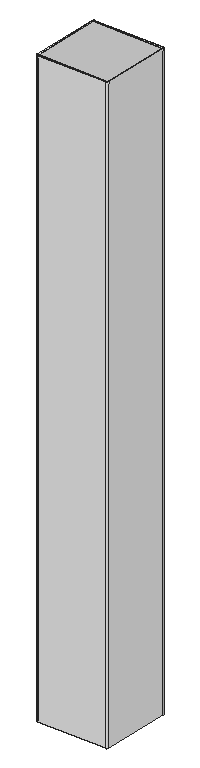
Revit family "CFT - Retangular - Coluna", category Pilares estruturais, Revit 2019
Family settings
  Exibir em vistas ocultas = Arestas ocultadas por outros membros
  Forma do corte = Não definido
  Material para o comportamento do modelo = Concreto
  Exportar sempre como geometria = Não
  Redução da viga na planta = Da caixa de vinculação
  Corte com vazios quando carregada = Não
  Representação simbólica = Das configurações de projeto
  Compartilhado = Não
  Exibir o pré-corte da família na vista da planta = Sim
Parameters (values of type "Padrão")
  Structural Material [instance] = Concreto - Moldado in loco
  Material da coluna de aço [instance] = Metal - Aço 345 MPa
  Assembly Code = ""
  A = 0.00 m²
  Ht = 300 mm
  W = 0
  b = 300 mm
  kr = 2 * t  # 8 mm
  t = 4 mm
Reference planes
  plane 1 "Centro (Frente/Trás)": y = 0
  plane 2: z = 0
  plane 3 "Centro (Esquerda/Direita)": x = 0
  plane 4: x = -150
  plane 5: x = 150
  plane 6: y = 150
  plane 7: y = -150
  plane 8: x = -142
  plane 9: y = -142
  plane 10: y = 142
  plane 11: x = 142
Forms (mm)
  Extrusion 1, solid, material "Metal - Aço 345 MPa" <- "Material da coluna de aço", detail levels medium
    sketch origin (0, 0, 0) x (1, 0, 0) y (0, 1, 0)
      loop
        line (-150, 150) -> (-150, -150) -> (150, -150) -> (150, 150) -> (-150, 150)
      loop
        line (-146, 146) -> (-146, -146) -> (146, -146) -> (146, 146) -> (-146, 146)
    from 0 to 2500
  Extrusion 2, solid, material "Metal - Aço 345 MPa" <- "Material da coluna de aço", detail levels fine
    sketch origin (0, 0, 0) x (1, 0, 0) y (0, 1, 0)
      loop
        arc (-142, 150) -> (-147.657, 147.657) -> (-150, 142) r 8
        line (-150, 142) -> (-150, -142)
        arc (-150, -142) -> (-147.657, -147.657) -> (-142, -150) r 8
        line (-142, -150) -> (142, -150)
        arc (142, -150) -> (147.657, -147.657) -> (150, -142) r 8
        line (150, -142) -> (150, 142)
        arc (150, 142) -> (147.657, 147.657) -> (142, 150) r 8
        line (142, 150) -> (-142, 150)
      loop
        arc (-142, 146) -> (-144.828, 144.828) -> (-146, 142) r 4
        line (-146, 142) -> (-146, -142)
        arc (-146, -142) -> (-144.828, -144.828) -> (-142, -146) r 4
        line (-142, -146) -> (142, -146)
        arc (142, -146) -> (144.828, -144.828) -> (146, -142) r 4
        line (146, -142) -> (146, 142)
        arc (146, 142) -> (144.828, 144.828) -> (142, 146) r 4
        line (142, 146) -> (-142, 146)
    from 0 to 2500
  Extrusion 3, solid, material "Concreto - Moldado in loco" <- "Structural Material", detail levels medium
    sketch origin (0, 0, 0) x (1, 0, 0) y (0, 1, 0)
      loop
        line (-146, 146) -> (-146, -146) -> (146, -146) -> (146, 146) -> (-146, 146)
    from 0 to 2500
  Extrusion 4, solid, material "Concreto - Moldado in loco" <- "Structural Material", detail levels fine
    sketch origin (0, 0, 0) x (1, 0, 0) y (0, 1, 0)
      loop
        line (-146, 142) -> (-146, -142)
        arc (-146, -142) -> (-144.828, -144.828) -> (-142, -146) r 4
        line (-142, -146) -> (142, -146)
        arc (142, -146) -> (144.828, -144.828) -> (146, -142) r 4
        line (146, -142) -> (146, 142)
        arc (146, 142) -> (144.828, 144.828) -> (142, 146) r 4
        line (142, 146) -> (-142, 146)
        arc (-142, 146) -> (-144.828, 144.828) -> (-146, 142) r 4
    from 0 to 2500
Lines and regions (mm)
  symbolic lines, style "StructuralColumnStickSymbols", detail levels coarse
    curve 1: line (-150, 150, 0) -> (150, 150, 0)
    curve 2: line (-150, -150, 0) -> (150, -150, 0)
    curve 5: line (-150, 150, 0) -> (-150, -150, 0)
    curve 6: line (150, 150, 0) -> (150, -150, 0)
  symbolic lines, style "Faces ocultas", detail levels medium+fine
    curve 3: line (-146, 0, 0) -> (-146, 0, 2500)
    curve 4: line (146, 0, 2500) -> (146, 0, 0)
Dimensions and locks
  equal spacing: plane 4, plane 3 "Centro (Esquerda/Direita)", plane 5
  equal spacing: plane 7, plane 1 "Centro (Frente/Trás)", plane 6
  "Ht": plane 7 to plane 6
  "b": plane 4 to plane 5
  "t": Extrusion 1 sketch curve to plane 5
  "t": plane 4 to Extrusion 1 sketch curve
  "t": Extrusion 1 sketch curve to plane 6
  "t": Extrusion 1 sketch curve to plane 7
  "t": Extrusion 2 sketch curve to plane 6
  "t": Extrusion 2 sketch curve to plane 5
  "t": plane 4 to Extrusion 2 sketch curve
  "t": Extrusion 2 sketch curve to plane 7
  "kr": plane 10 to plane 6
  "kr": plane 7 to plane 9
  "kr": plane 11 to plane 5
  "kr": plane 4 to plane 8
  "t": radius of Extrusion 4 sketch curve  (x4)
  aligned and locked: plane 6 to Extrusion 1 sketch curve
  aligned and locked: Extrusion 1 sketch curve to plane 7
  aligned and locked: Extrusion 1 sketch curve to plane 4
  aligned and locked: plane 5 to Extrusion 1 sketch curve
  aligned and locked: level to Extrusion 1
  aligned and locked: level to plane 2
  aligned and locked: Extrusion 1 to plane 2
  aligned and locked: curve 1 to Extrusion 2 sketch curve
  aligned and locked: Extrusion 2 sketch curve to Extrusion 1
  aligned and locked: level to Extrusion 2
  aligned and locked: curve 4 to Extrusion 2
  aligned and locked: curve 3 to Extrusion 2
  aligned and locked: Extrusion 1 to Extrusion 3 sketch curve
  aligned and locked: Extrusion 3 sketch curve to Extrusion 1  (x3)
  aligned and locked: level to Extrusion 3
  aligned and locked: Extrusion 2 to Extrusion 3
  aligned and locked: Extrusion 4 sketch curve to Extrusion 2  (x4)
  aligned and locked: level to Extrusion 4
  aligned and locked: Extrusion 2 to Extrusion 4
  aligned and locked: Extrusion 2 to plane 6
  aligned and locked: plane 4 to Extrusion 2
  aligned and locked: plane 7 to Extrusion 2
  aligned and locked: Extrusion 2 to plane 5
  aligned and locked: plane 5 to curve 6
  aligned and locked: plane 7 to curve 2
  aligned and locked: plane 4 to curve 5
  aligned and locked: Extrusion 2 to level
Automatic sketch dimensions
  Extrusion 2 sketch curve to plane 8 = 0 mm  (x4)
  Extrusion 2 sketch curve to plane 7 = 0 mm
  Extrusion 2 sketch curve to plane 11 = 0 mm
  Extrusion 2 sketch curve to plane 10 = 0 mm  (x2)
  Extrusion 2 sketch curve to plane 9 = 0 mm  (x2)
  curve 3 to level = 0 mm  (x2)
  curve 4 to level = 0 mm  (x2)
  curve 5 to plane 6 = 0 mm
